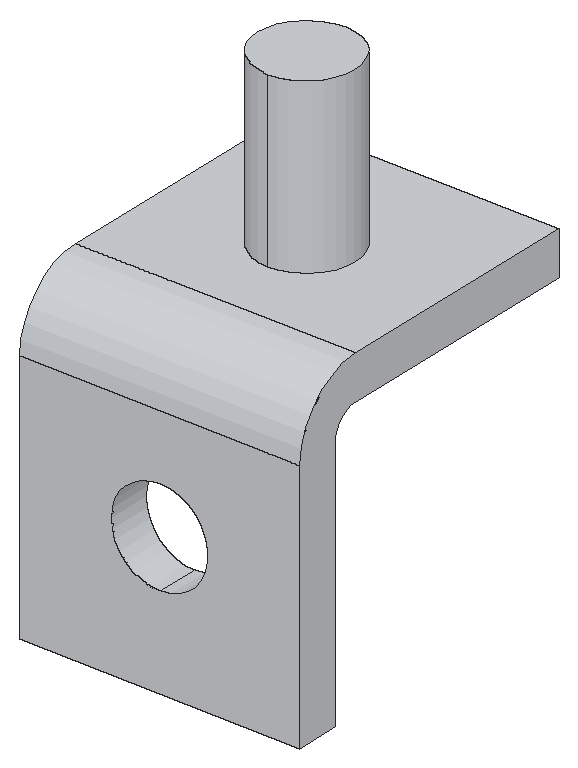
Revit family "Fitting-Ninety_Degree_Angle-Unistrut-P1315", category Specialty Equipment, Revit 2012
Parameters
  ecoScorecard_data = "http://products.ecoscorecard.com/atkore/P1315"
  ecoScorecard Product Page = "http://products.ecoscorecard.com/atkore/P1315?action=html"
  Weight Per Piece = 0.45 lbf
  Unit = none
  Unistrut Part Number = "P1315"  # constant formula
  URL = "http://unistrut.us/index.php"
  Thread Size = 13"
  Thickness = 1/4"  # constant formula
  Subcategory = "Nintey Degree Angle Fittings"  # constant formula
  Product Page URL = "http://unistrut.us/index.php?WP=cat_detail&S=S05&P=P1315"
  Part Type = "Fitting"  # constant formula
  Overall Width = 1 7/8"  # constant formula
  Overall Length = 1 7/8"
  Overall Height = 1 5/8"  # constant formula
  Model = "P1315"  # constant formula
  Material = ""
  Manufacturer Phone - Toll Free = "800-882-5543"  # constant formula
  Manufacturer Phone = "708-339-1610"  # constant formula
  Manufacturer Fax = "708-339-7814"  # constant formula
  Manufacturer Email = "mailto:jshaw@atkore.com"
  Manufacturer Address = "16100 South Lathrop Avenue, Harvey, IL 60426"  # constant formula
  Manufacturer = "Unistrut by Atkore International"  # constant formula
  Load Capacity Note = "Visit the product page for load application and capacity."  # constant formula
  Literature URL = "http://unistrut.us/index.php?WP=LItLibrary"
  Hole Radius = 9/16" / 2  # 9/32"
  Hole Diameter = 9/16"  # constant formula
  Default Elevation = 48"
  Cost Info = "mailto:jshaw@atkore.com"
  Category = "Specialty Equipment"  # constant formula
  CAD URL = "http://unistrut.us/index.php?WP=CAD3d"
  Bolt Size = 1/2"
  Assembly Code = "D5020100"
  95 CSI = "16070"  # constant formula
  04 CSI = "26 05 48"  # constant formula
Reference planes (in)
  plane 1 "Center (Front/Back)": y = 0
  plane 2: z = 0
  plane 3 "Center (Left/Right)": x = 0
  plane 4: y = 0.9375
  plane 5: y = -0.9375
  plane 6: y = -0.68755
  plane 7: x = 0.8125
  plane 8: x = -0.8125
  plane 9: z = 0.24999
  plane 10: z = -1.62501
  plane 11: z = -0.81251
Dimensions and locks (in)
  "Overall Width": plane 4 to plane 5
  equal spacing: plane 4, plane 1 "Center (Front/Back)", plane 5
  plane 6 to plane 4 = 1.62505"
  equal spacing: plane 8, plane 3 "Center (Left/Right)", plane 7
  "Overall Height": plane 8 to plane 7
  "Overall Length": plane 10 to plane 9
  aligned and locked: level to plane 2
  aligned and locked: nested 1 to plane 5
  aligned and locked: plane 3 "Center (Left/Right)" to nested 1
Nested families (in)
  nested 1: "1315" at (0, 0, 0), type "1315"
Definition of nested family "1315"
  Parameters (values of type "1315")
    Unit = Default
    URL = ""
    Thickness = 1/4"  # constant formula
    Overall Width = 1 7/8"  # constant formula
    Overall Length = 1 7/8"  # constant formula
    Overall Height = 1 5/8"  # constant formula
    Material = ""
    Manufacturer = ""
    Load Capacity Note = "Visit the product page for load application and capacity."  # constant formula
    Hole Radius = 9/16" / 2  # 9/32"
    Hole Diameter = 9/16"  # constant formula
    Assembly Code = ""
  Reference planes (in)
    plane 1 "Center (Front/Back)": y = 0
    plane 2: z = 0
    plane 3 "Center (Left/Right)": x = 0
    plane 4: y = 0.9375
    plane 5: y = -0.9375
    plane 6: y = -0.68755
    plane 7: y = 0.12497
  Forms (in)
    Extrusion 1, solid, material "Default" <- "Unit"
      sketch origin (0.8125, 0, -0.68751) x (0, 0, 1) y (0, 1, 0)
        loop
          line (0.53126, -0.68755) -> (-0.93759, -0.68755) -> (-0.93759, -0.9375) -> (0.53126, -0.9375)
          spline (0.53126, -0.9375) -> (0.58639, -0.93379) -> (0.63926, -0.92299) -> (0.68939, -0.90558) -> (0.7363, -0.88204) -> (0.7795, -0.85286) -> (0.81851, -0.81853) -> (0.85285, -0.77951) -> (0.88204, -0.73631) -> (0.90558, -0.6894) -> (0.92299, -0.63927) -> (0.93379, -0.5864) -> (0.9375, -0.53128)
          line (0.9375, -0.53128) -> (0.9375, 0.93734) -> (0.68751, 0.93734) -> (0.68751, -0.53128)
          spline (0.68751, -0.53128) -> (0.68609, -0.55248) -> (0.68193, -0.57282) -> (0.67523, -0.59211) -> (0.66618, -0.61016) -> (0.65496, -0.62678) -> (0.64175, -0.64178) -> (0.62674, -0.65499) -> (0.61012, -0.66622) -> (0.59208, -0.67527) -> (0.5728, -0.68197) -> (0.55247, -0.68613) -> (0.53126, -0.68755)
      from 0 to 1.625
    Extrusion 2, void
      sketch origin (0.8125, 0, -0.68751) x (0, 0, 1) y (-1, 0, 0)
        loop
          circle (-0.12499, 0.8125) r 0.28125
      from 0 to 1.90045
    Extrusion 3, solid, material "Default" <- "Unit"
      sketch origin (0.8125, 0, -0.68751) x (0, 1, 0) y (-1, 0, 0)
        loop
          circle (0.12497, 0.8125) r 0.28125
      from 0.9375 to 1.9375
  Cuts and joins
    Extrusion 2 cuts Extrusion 1
  Dimensions and locks (in)
    equal spacing: plane 6, plane 7, plane 4
    "Hole Radius": radius of Extrusion 2 sketch curve
    "Hole Radius": radius of Extrusion 3 sketch curve
    aligned and locked: level to plane 2
    aligned and locked: plane 7 to Extrusion 3 sketch curve
  Automatic sketch dimensions
    Extrusion 1 sketch curve to plane 6 = 0"
    Extrusion 1 sketch curve to plane 5 = 0"
    Extrusion 1 sketch curve to level = 1.6251"
    Extrusion 1 sketch curve to Extrusion 1 sketch curve = 0"
    Extrusion 1 sketch curve to plane 4 = 0.00016"
    Extrusion 1 sketch curve to plane 6 = 0.15628"  (x2)
    Extrusion 2 sketch curve to level = 13/16"
    Extrusion 2 sketch curve to plane 3 "Center (Left/Right)" = 0"
    Extrusion 3 sketch curve to plane 3 "Center (Left/Right)" = 0"
    Extrusion 1 sketch curve to level = 0"
    Extrusion 1 sketch curve to level = 5/32"
    level to Extrusion 1 sketch curve = 1/4"
